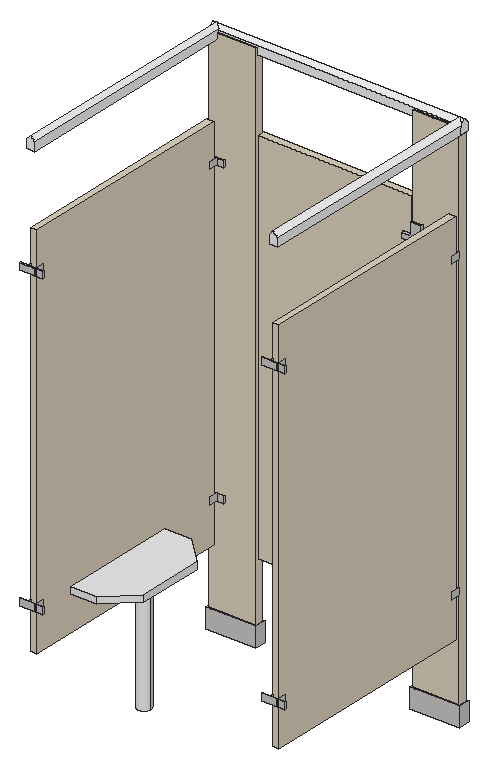
Revit family
Parameters (values of type "As Specified in 10 21 00")
  topoffset = 0' - 0 1/4"
  strkhdwr [instance] = not(or((End Panel_Strike Side), (Terminates at Wall_Strike Side)))  # no
  hngpnlconstrain [instance] = if((Terminates at Wall_Hinge Side), (Front Panel Width_Hinge Side - Reveal Clearance), (if((End Panel_Hinge Side), (Front Panel Width_Hinge Side + Panel Thickness + 0' 0 1/8"), (Front Panel Width_Hinge Side))))  # 0' - 7 1/8"
  hngpnl2 [instance] = if((Terminates at Wall_Strike Side), (Panel Thickness - Reveal Clearance - 0' 0 1/8"), (if((End Panel_Strike Side), (Panel Thickness + 0' 0 1/8"), (Panel Thickness))))  # 0' - 1 1/8"
  capoffset = 0' - 0 1/4"
  Warranty Duration (Years) = 0
  URL = "http://www.am-sanitary-partition.com/\r\n"
  Type Comments = "Toilet Partition"
  Terminates at Wall_Strike Side [instance] = no
  Terminates at Wall_Hinge Side [instance] = no
  Stile Thickness = 0' - 1 1/4"
  Stall Width = 3' - 0"
  Stall Depth [instance] = 3' - 0"
  Shower Seat = Plastic Laminate - White
  Return Rail - Strike Side [instance] = yes
  Return Rail - Hinge Side [instance] = yes
  Pilaster Height = 6' - 10"
  Panel Thickness = 0' - 1"
  Overall Depth w Shower [instance] = 6' - 0"
  Outswing [instance] = not(Inswing)  # no
  Inswing [instance] = yes
  Headrail Material = Aluminum - Extruded - Satin Anodized Finish
  Green Building-LEED = "http://www.arcat.com/green/clients/leed_data_30440.html\r\n"
  End Panel_Strike Side [instance] = not(Terminates at Wall_Strike Side)  # yes
  Front Panel Width_Strike Side = (Stall Width - Door Width) / 2  # 0' - 6"
  Specification = "http://www.arcat.com/specwizard/clients/amerisan.html?coid=30440\r\n"
  SpecWizard = "http://www.arcat.com/specwizard/10150asp/index.htm?mf=&coid=30440\r\n"
  Send Message = "http://admin.arcat.com/users.pl?action=UserEmail&company=American%20Sanitary%20Partition%20Corp.&coid=30440&rep=145&fax=407-656-8189&mf=\r\n"
  Sales Information = "http://www.am-sanitary-partition.com/\r\n"
  Revision = "R1_10/2009"
  Reveal Clearance = 0' - 0 1/2"
  Product Properties = "http://www.arcat.com/bim/bim_info.pl?fn=Toilet-Partition_AmericanSanitary_Full-Flush"
  Product Data = "http://www.arcat.com/arcatcos/cos30/arc30440.html\r\n"
  Panel Material [instance] = Phenolic Core - Color as Specified
  Model = "As Specified in 10 21 00"
  Manufacturer's Notes = ""
  Manufacturer Website = "http://www.am-sanitary-partition.com/\r\n"
  Manufacturer Phone = "407-656-0611\r\n"
  Manufacturer Fax = "407-656-8189\r\n"
  Manufacturer Address = "300 Enterprise St.; P. O. Box 99; Ocoee; FL 34761\r\n"
  Manufacturer = "American Sanitary Partition Corp.\r\n"
  Maintenance Schedule (Months) = 0
  Keynote = "10 21 00"
  Installation-Fabrication = "http://www.arcat.com/clients/amersan.pdf"
  Installation Phase = ""
  End Panel_Hinge Side [instance] = yes
  Front Panel Width_Hinge Side = (Stall Width - Door Width) / 2  # 0' - 6"
  Hardware Finish [instance] = Stainless Steel - Type 304 #4 Brushed Finish
  Expected Lifespan (Years) = 0
  Drawn By = "Robert S. Weygant, CSI, CDT, SCIP"  # constant formula
  Door Width = 2' - 0"
  Door Thickness = 0' - 1"
  Door Height = 4' - 10"
  Distance from Floor to Panel = 1' - 0"
  Copyright = "2009, ARCAT, Inc."  # constant formula
  Description = "As Specified in 10 21 00"
  Construction Details = "http://www.arcat.com/details/amerisan/amerisan.html?coid=30440\r\n"
  Brackets_Vertical = 2
  Assembly Code = "C1010400"
Reference planes (in)
  plane 1: y = 26.56271
  plane 2 "Center (Left/Right)": x = 26.6528
  plane 3 "Left": x = 44.6528
  plane 4: x = 8.6528
  plane 5: y = 102.31271
  plane 6 "Back": y = 31.56271
  plane 7 "Right": x = 7.6528
  plane 8 "Front": y = 103.56271
  plane 9 "Bottom of panel": z = 12
  plane 10 "Top of panel": z = 70
  plane 11: x = 14.6528
  plane 12: x = 38.6528
  plane 13 "Top": z = 82
  plane 14 "Bottom Bracket": z = 18
  plane 15 "Top Bracket": z = 64
  plane 16 "Top Hinge": z = 66.75
  plane 17: y = 101.81271
  plane 18: y = 68.06271
  plane 19: z = 0
  plane 20: x = 7.5278
  plane 21: y = 67.56271
  plane 22: y = 49.56271
Forms (in)
  Extrusion 1, solid, material "Phenolic Core - Color as Specified" <- "Panel Material"
    sketch origin (0, 0, 0) x (1, 0, 0) y (0, 1, 0)
      loop
        line (7.5278, 103.56271) -> (7.5278, 102.31271) -> (14.6528, 102.31271) -> (14.6528, 103.56271) -> (7.5278, 103.56271)
    from 0 to 82
  Extrusion 2, solid, material "Stainless Steel - Type 304 #4 Brushed Finish" <- "Hardware Finish", detail levels medium+fine
    sketch origin (0, 103.56271, 0) x (-1, 0, 0) y (0, 0, 1)
      loop
        line (-13.1528, 39.97704) -> (-13.1528, 42.02296) -> (-15.6528, 42.02296) -> (-15.6528, 39.97704) -> (-13.1528, 39.97704)
    from 0 to 0.25
  Extrusion 3, solid, material "Phenolic Core - Color as Specified" <- "Panel Material"
    sketch origin (0, 0, 0) x (1, 0, 0) y (0, 1, 0)
      loop
        line (38.6528, 103.56271) -> (38.6528, 102.31271) -> (45.7778, 102.31271) -> (45.7778, 103.56271) -> (38.6528, 103.56271)
    from 0 to 82
  Extrusion 4, solid, material "Phenolic Core - Color as Specified" <- "Panel Material", visible <- "End Panel_Hinge Side"
    sketch origin (0, 0, 0) x (1, 0, 0) y (0, 1, 0)
      loop
        line (44.6528, 68.06271) -> (45.6528, 68.06271) -> (45.6528, 101.81271) -> (44.6528, 101.81271) -> (44.6528, 68.06271)
    from 12 to 70
  Extrusion 5, solid, material "Phenolic Core - Color as Specified" <- "Panel Material", visible <- "End Panel_Strike Side"
    sketch origin (0, 0, 0) x (1, 0, 0) y (0, 1, 0)
      loop
        line (7.6528, 68.06271) -> (8.6528, 68.06271) -> (8.6528, 101.81271) -> (7.6528, 101.81271) -> (7.6528, 68.06271)
    from 12 to 70
  Extrusion 6, solid, material "Stainless Steel - Type 304 #4 Brushed Finish" <- "Hardware Finish", detail levels fine
    sketch origin (0, 103.56271, 0) x (-1, 0, 0) y (0, 0, 1)
      loop
        line (-38.6528, 66.75) -> (-40.1528, 66.75) -> (-40.1528, 64) -> (-38.6528, 64) -> (-37.1528, 64) -> (-37.1528, 64.75) -> (-38.6528, 64.75) -> (-38.6528, 66.75)
    from -1.49944 to 0.25
  Extrusion 7, solid, material "Stainless Steel - Type 304 #4 Brushed Finish" <- "Hardware Finish", detail levels fine
    sketch origin (0, 103.56271, -52) x (-1, 0, 0) y (0, 0, 1)
      loop
        line (-38.6528, 66.75) -> (-40.1528, 66.75) -> (-40.1528, 64) -> (-37.1528, 64) -> (-37.1528, 64.75) -> (-38.6528, 64.75) -> (-38.6528, 66.75)
    from -1.49944 to 0.25
  Extrusion 8, solid, material "Phenolic Core - Color as Specified" <- "Panel Material"
    sketch origin (0, 103.56271, 0) x (-1, 0, 0) y (0, 0, 1)
      loop
        line (-36.9028, 12) -> (-14.9028, 12) -> (-14.9028, 70) -> (-38.4028, 70) -> (-38.4028, 64.75) -> (-36.9028, 64.75) -> (-36.9028, 63.9223) -> (-38.4028, 63.9223) -> (-38.4028, 12.75) -> (-36.9028, 12.75) -> (-36.9028, 12)
    from -1 to 0
  Extrusion 9, solid, material "Stainless Steel - Type 304 #4 Brushed Finish" <- "Hardware Finish", detail levels fine
    sketch origin (0, 103.56271, 78) x (-1, 0, 0) y (0, 0, 1)
      loop
        line (-14.9028, -78) -> (-7.2778, -78) -> (-7.2778, -75) -> (-14.9028, -75) -> (-14.9028, -78)
    from -1.49768 to 0.24505
  Extrusion 10, solid, material "Stainless Steel - Type 304 #4 Brushed Finish" <- "Hardware Finish", detail levels fine
    sketch origin (0, 103.56271, 79) x (-1, 0, 0) y (0, 0, 1)
      loop
        line (-46.0278, -79) -> (-38.4028, -79) -> (-38.4028, -76) -> (-46.0278, -76) -> (-46.0278, -79)
    from -1.49944 to 0.25923
  Extrusion 11, solid, material "Aluminum - Extruded - Satin Anodized Finish" <- "Headrail Material"
    sketch origin (26.6528, 0, 0) x (0, -1, 0) y (0, 0, 1)
      loop
        line (-103.81271, 81) -> (-102.56271, 81) -> (-102.56271, 82.25) -> (-103.18771, 82.875) -> (-103.81271, 82.25) -> (-103.81271, 81)
    from -19.23129 to 19.22536
  Extrusion 12, solid, material "Aluminum - Extruded - Satin Anodized Finish" <- "Headrail Material", visible <- "Return Rail - Strike Side"
    sketch origin (0, 103.56271, 0) x (-1, 0, 0) y (0, 0, 1)
      loop
        line (-8.67744, 81) -> (-7.42744, 81) -> (-7.42744, 82.25) -> (-8.05244, 82.875) -> (-8.67744, 82.25) -> (-8.67744, 81)
    from -36 to -0.3724
  Extrusion 13, solid, material "Aluminum - Extruded - Satin Anodized Finish" <- "Headrail Material", visible <- "Return Rail - Hinge Side"
    sketch origin (53.3056, 103.56271, 0) x (1, 0, 0) y (0, 0, -1)
      loop
        line (-8.67151, -81) -> (-8.67151, -82.25) -> (-8.17151, -82.86237) -> (-7.42151, -82.25) -> (-7.42151, -81) -> (-8.67151, -81)
    from -36 to -0.3724
  Extrusion 14, solid, material "Plastic Laminate - White" <- "Shower Seat", detail levels fine
    sketch origin (0.75, -3.85115, 0) x (1, 0, 0) y (0, 1, 0)
      loop
        line (8.6528, 95.41386) -> (8.6528, 77.41386) -> (12.6528, 77.41386) -> (16.6528, 81.41386) -> (16.6528, 91.41386) -> (12.6528, 95.41386) -> (8.6528, 95.41386)
    from 18 to 19
  Extrusion 15, solid, material "Plastic Laminate - White" <- "Shower Seat", detail levels fine
    sketch origin (0, 0, 0) x (1, 0, 0) y (0, 1, 0)
      loop
        circle (13.4028, 82.56271) r 1
    from 0 to 18
Lines and regions (in)
  symbolic lines
    curve 1: line (38.6528, 0, 70) -> (14.6528, 0, 41)
    curve 2: line (14.6528, 0, 41) -> (38.6528, 0, 12)
    curve 3: line (8.6528, 31.56271, 0) -> (7.6528, 31.56271, 0)
    curve 9: line (8.6528, 67.56271, 0) -> (44.6528, 67.56271, 0)
    curve 10: line (8.6528, 31.56271, 0) -> (8.6528, 67.56271, 0)
    curve 11: line (44.6528, 31.56271, 0) -> (8.6528, 31.56271, 0)
    curve 12: line (44.6528, 67.56271, 0) -> (44.6528, 31.56271, 0)
    curve 13: circle (26.6528, 49.56271, 0) r 2 normal (0, 0, 1)
    curve 19: line (10.6528, 65.56271, 0) -> (10.6528, 33.56271, 0)
    curve 20: line (42.6528, 65.56271, 0) -> (10.6528, 65.56271, 0)
    curve 21: line (42.6528, 33.56271, 0) -> (42.6528, 65.56271, 0)
    curve 22: line (10.6528, 33.56271, 0) -> (42.6528, 33.56271, 0)
    curve 23: line (10.6528, 65.56271, 0) -> (42.6528, 33.56271, 0)
    curve 24: line (42.6528, 65.56271, 0) -> (10.6528, 33.56271, 0)
  symbolic lines, visible <- "Inswing"
    curve 4: line (38.6528, 102.31271, 0) -> (38.6528, 78.31271, 0)
    curve 5: line (38.6528, 78.31271, 0) -> (37.6528, 78.31271, 0)
    curve 6: line (37.6528, 78.31271, 0) -> (37.6528, 102.31271, 0)
    curve 7: line (37.6528, 102.31271, 0) -> (38.6528, 102.31271, 0)
  symbolic lines, style "Toilet Accessories-Dashed", visible <- "Inswing"
    curve 8: arc (14.6528, 102.31271, 0) -> (21.68224, 85.34214, 0) -> (38.6528, 78.31271, 0) r 24
  symbolic lines, visible <- "Outswing"
    curve 14: line (38.6528, 103.56271, 0) -> (38.6528, 127.56271, 0)
    curve 15: line (38.6528, 127.56271, 0) -> (37.6528, 127.56271, 0)
    curve 16: line (37.6528, 127.56271, 0) -> (37.6528, 103.56271, 0)
    curve 17: line (37.6528, 103.56271, 0) -> (38.6528, 103.56271, 0)
  symbolic lines, style "Toilet Accessories-Dashed", visible <- "Outswing"
    curve 18: arc (14.6528, 103.56271, 0) -> (21.68224, 120.53327, 0) -> (38.6528, 127.56271, 0) r 24
Text (in)
  text "Placement Side" at (0, 40.15149, 123.01588), in view "Right"
  text "Placement Side" at (-71.13158, 43.3951, 0), in view "Floor Line"
  text "Placement Side" at (0, 65.23256, 117.93067), in view "Left"
Dimensions and locks (in)
  "Stall Width": plane 4 to plane 3 "Left"
  "Door Height": plane 9 "Bottom of panel" to plane 10 "Top of panel"
  "Distance from Floor to Panel": host wall to plane 9 "Bottom of panel"
  equal spacing: plane 9 "Bottom of panel", curve 2, plane 10 "Top of panel"
  "Pilaster Height": level to plane 13 "Top"
  "Panel Thickness": plane 7 "Right" to plane 4
  "Panel Thickness": plane 3 "Left" to Extrusion 4 sketch curve
  locked: Extrusion 6 sketch curve to plane 12 at 1.5  (x2)
  locked: plane 9 "Bottom of panel" to Extrusion 7 sketch curve at 2.75
  locked: Extrusion 7 sketch curve to plane 12 at 1.5
  locked: plane 12 to Extrusion 7 sketch curve at 1.5
  locked: plane 12 to Extrusion 8 sketch curve at 0.25
  locked: plane 11 to Extrusion 8 sketch curve at 0.25
  locked: Extrusion 2 sketch curve to plane 11 at 1.5
  "Front Panel Width_Hinge Side": plane 12 to plane 3 "Left"
  "Door Width": plane 11 to plane 12
  locked: Extrusion 9 sketch curve to plane 11 at 0.25
  locked: Extrusion 10 sketch curve to plane 12 at 0.25
  equal spacing: plane 4, plane 2 "Center (Left/Right)", plane 3 "Left"
  locked: Extrusion 9 to plane 8 "Front" at 0.24505
  locked: Extrusion 9 to plane 5 at 0.24768
  "Door Thickness": curve 6 to plane 12
  group 1 to group 2 = 0' - 0"  (x2)
  group 1 to group 2 = 3' - 10"
  locked: plane 15 "Top Bracket" to plane 16 "Top Hinge" at 2.75
  locked: plane 15 "Top Bracket" to plane 10 "Top of panel" at 6
  locked: plane 9 "Bottom of panel" to plane 14 "Bottom Bracket" at 6
  "Reveal Clearance": plane 17 to plane 5
  group 3 to group 4 = 0' - 0"  (x2)
  group 3 to group 4 = 3' - 10"
  Extrusion 10 to Extrusion 3 = 0' - 0.25923"
  Extrusion 10 to Extrusion 3 = 0' - 0.24944"
  locked: Extrusion 10 to Extrusion 3 at 0.25
  "Stile Thickness": plane 8 "Front" to plane 5
  "capoffset": Extrusion 3 to Extrusion 10
  "hngpnlconstrain": Extrusion 3 sketch curve to Extrusion 3 sketch curve
  "capoffset": Extrusion 9 to Extrusion 1
  group 5 to group 6 = 0' - 0"
  group 6 to group 5 = 0' - 0"
  group 5 to group 6 = 3' - 10"
  Extrusion 10 sketch curve to Extrusion 4 = 0' - 0 3/8"
  "hngpnl2": plane 20 to plane 4
  group 7 to group 8 = 0' - 0"
  group 8 to group 7 = 0' - 0 1/4"
  group 7 to group 8 = 3' - 10"
  "Overall Depth w Shower": plane 8 "Front" to plane 6 "Back"
  group 9 to group 10 = 0' - 0"  (x2)
  group 9 to group 10 = 3' - 10"
  locked: Extrusion 10 sketch curve to Extrusion 10 sketch curve at 3
  locked: Extrusion 9 sketch curve to Extrusion 9 sketch curve at 3
  Extrusion 11 sketch curve to plane 8 "Front" = 0' - 0 1/4"
  locked: plane 20 to Extrusion 11 at 0.10036
  locked: Extrusion 11 to Extrusion 3 at 0.10629
  "Door Thickness": Extrusion 8 to Extrusion 8
  locked: plane 20 to Extrusion 12 sketch curve at 0.10036
  locked: Extrusion 12 sketch curve to Extrusion 12 sketch curve at 1.25
  locked: Extrusion 13 sketch curve to Extrusion 13 sketch curve at 1.25
  locked: Extrusion 13 sketch curve to Extrusion 3 at 0.10629
  locked: Extrusion 11 sketch curve to Extrusion 11 sketch curve at 1.25
  locked: plane 8 "Front" to Extrusion 12 at 0.3724
  locked: plane 8 "Front" to Extrusion 13 at 0.3724
  "Stall Depth": plane 8 "Front" to plane 21
  "Reveal Clearance": plane 18 to plane 21
  group 11 to group 12 = 0' - 0"  (x2)
  group 11 to group 12 = 3' - 10"
  group 13 to group 14 = 0' - 0"  (x2)
  group 13 to group 14 = 3' - 10"
  equal spacing: plane 21, plane 22, plane 6 "Back"
  "Door Thickness": curve 16 to curve 14
  "Door Width": curve 17 to curve 15
  locked: Extrusion 14 sketch curve to Extrusion 14 sketch curve at 18
  locked: Extrusion 14 sketch curve to Extrusion 14 sketch curve at 8
  locked: Extrusion 14 sketch curve to Extrusion 14 sketch curve at 4  (x2)
  locked: Extrusion 14 sketch curve to Extrusion 14 sketch curve at 10
  Extrusion 14 to plane 21 = 0' - 6"
  locked: Extrusion 14 to Extrusion 14 at 1
  plane 4 to Extrusion 14 = 0' - 0 3/4"
  equal spacing: Extrusion 14, Extrusion 15 sketch curve, Extrusion 14  (x2)
  locked: curve 10 to curve 19 at 2
  locked: curve 21 to curve 12 at 2
  locked: curve 11 to curve 22 at 2
  locked: curve 20 to curve 9 at 2
  "Stile Thickness": Extrusion 3 sketch curve to Extrusion 3 sketch curve
  "Overall Depth w Shower": plane 6 "Back" to Extrusion 3 sketch curve
  "Door Width": radius of curve 18
  aligned and locked: Extrusion 1 sketch curve to plane 8 "Front"
  aligned and locked: Extrusion 1 sketch curve to plane 5
  aligned and locked: Extrusion 1 sketch curve to plane 11
  aligned and locked: plane 13 "Top" to Extrusion 1
  aligned and locked: Extrusion 2 to plane 8 "Front"
  aligned and locked: plane 12 to Extrusion 3 sketch curve
  aligned and locked: plane 3 "Left" to Extrusion 4 sketch curve
  aligned and locked: plane 9 "Bottom of panel" to Extrusion 4
  aligned and locked: Extrusion 1 to Extrusion 3
  aligned and locked: Extrusion 5 to plane 10 "Top of panel"
  aligned and locked: Extrusion 5 to plane 9 "Bottom of panel"
  aligned and locked: plane 16 "Top Hinge" to Extrusion 6 sketch curve
  aligned and locked: plane 15 "Top Bracket" to Extrusion 6 sketch curve
  aligned and locked: Extrusion 6 sketch curve to plane 12
  aligned and locked: plane 9 "Bottom of panel" to Extrusion 7 sketch curve
  aligned and locked: Extrusion 7 sketch curve to plane 12
  aligned and locked: Extrusion 7 to Extrusion 8 sketch curve
  aligned and locked: plane 10 "Top of panel" to Extrusion 8 sketch curve
  aligned and locked: curve 4 to plane 12
  aligned and locked: plane 8 "Front" to Extrusion 8
  aligned and locked: plane 7 "Right" to nested 1
  aligned and locked: nested 1 to plane 5  (x4)
  aligned and locked: plane 14 "Bottom Bracket" to nested 1
  aligned and locked: plane 15 "Top Bracket" to nested 2
  aligned and locked: plane 7 "Right" to nested 2
  aligned and locked: plane 5 to nested 1
  aligned and locked: plane 17 to Extrusion 5 sketch curve
  aligned and locked: Extrusion 5 sketch curve to plane 18
  aligned and locked: plane 18 to Extrusion 4 sketch curve
  aligned and locked: plane 17 to Extrusion 4 sketch curve
  aligned and locked: nested 3 to plane 5  (x2)
  aligned and locked: nested 3 to plane 3 "Left"
  aligned and locked: nested 3 to plane 14 "Bottom Bracket"
  aligned and locked: nested 4 to plane 15 "Top Bracket"
  aligned and locked: plane 5 to nested 3
  aligned and locked: plane 3 "Left" to nested 3
  aligned and locked: Extrusion 4 to plane 10 "Top of panel"
  aligned and locked: nested 5 to plane 3 "Left"
  aligned and locked: nested 5 to plane 8 "Front"  (x3)
  aligned and locked: plane 14 "Bottom Bracket" to nested 5
  aligned and locked: plane 15 "Top Bracket" to nested 6
  aligned and locked: nested 6 to plane 3 "Left"
  aligned and locked: plane 3 "Left" to nested 5
  aligned and locked: plane 19 to level
  aligned and locked: Extrusion 1 to plane 20
  aligned and locked: plane 8 "Front" to nested 7  (x2)
  aligned and locked: nested 7 to plane 7 "Right"
  aligned and locked: nested 7 to plane 14 "Bottom Bracket"
  aligned and locked: nested 8 to plane 15 "Top Bracket"
  aligned and locked: nested 8 to plane 7 "Right"
  aligned and locked: nested 7 to plane 8 "Front"
  aligned and locked: plane 6 "Back" to host wall
  aligned and locked: plane 5 to nested 9
  aligned and locked: nested 9 to plane 5  (x2)
  aligned and locked: plane 14 "Bottom Bracket" to nested 9  (x2)
  aligned and locked: nested 9 to plane 14 "Bottom Bracket"
  aligned and locked: plane 7 "Right" to nested 9
  aligned and locked: plane 15 "Top Bracket" to nested 10  (x2)
  aligned and locked: nested 10 to plane 15 "Top Bracket"
  aligned and locked: plane 7 "Right" to nested 10
  aligned and locked: plane 5 to nested 10
  aligned and locked: plane 19 to Extrusion 1
  aligned and locked: plane 19 to Extrusion 3
  aligned and locked: plane 19 to Extrusion 10 sketch curve
  aligned and locked: plane 19 to Extrusion 9 sketch curve
  aligned and locked: Extrusion 11 to Extrusion 13 sketch curve
  aligned and locked: nested 4 to plane 5
  aligned and locked: plane 5 to nested 2
  aligned and locked: plane 5 to nested 8
  aligned and locked: plane 21 to nested 11
  aligned and locked: plane 21 to nested 12
  aligned and locked: plane 7 "Right" to nested 11  (x2)
  aligned and locked: plane 3 "Left" to nested 12  (x2)
  aligned and locked: nested 4 to plane 3 "Left"
  aligned and locked: plane 14 "Bottom Bracket" to nested 11
  aligned and locked: plane 14 "Bottom Bracket" to nested 12
  aligned and locked: plane 15 "Top Bracket" to nested 13
  aligned and locked: plane 21 to nested 13
  aligned and locked: plane 7 "Right" to nested 13  (x2)
  aligned and locked: plane 15 "Top Bracket" to nested 14
  aligned and locked: plane 21 to nested 14
  aligned and locked: plane 3 "Left" to nested 14  (x2)
  aligned and locked: curve 9 to plane 21
  aligned and locked: curve 12 to plane 3 "Left"
  aligned and locked: plane 6 "Back" to curve 11
  aligned and locked: plane 4 to curve 10
  aligned and locked: plane 22 to curve 13
  aligned and locked: plane 2 "Center (Left/Right)" to curve 13
  aligned and locked: plane 12 to curve 14
  aligned and locked: curve 17 to plane 8 "Front"
  aligned and locked: Extrusion 14 to plane 14 "Bottom Bracket"
  aligned and locked: plane 14 "Bottom Bracket" to Extrusion 14
  aligned and locked: plane 19 to Extrusion 15
  aligned and locked: plane 14 "Bottom Bracket" to Extrusion 15
  aligned and locked: Extrusion 13 to plane 21
  aligned and locked: Extrusion 12 to plane 21
  aligned and locked: nested 6 to plane 8 "Front"
  aligned and locked: Extrusion 6 to Extrusion 10
Automatic sketch dimensions
  curve 3 to host wall = 0' - 0"
  curve 3 to plane 7 "Right" = 0' - 0"
  curve 3 to plane 4 = 0' - 0"
  plane 11 to Extrusion 2 sketch curve = 0' - 1"
  plane 14 "Bottom Bracket" to Extrusion 2 sketch curve = 1' - 9.97704"
  Extrusion 2 sketch curve to Extrusion 2 sketch curve = 0' - 2.04593"
  Extrusion 5 sketch curve to plane 7 "Right" = 0' - 0"
  Extrusion 5 sketch curve to plane 4 = 0' - 0"
  curve 1 to plane 10 "Top of panel" = 0' - 0"
  curve 2 to plane 9 "Bottom of panel" = 0' - 0"
  curve 1 to plane 11 = 0' - 0"
  curve 2 to plane 12 = 0' - 0"
  curve 1 to plane 12 = 0' - 0"
  Extrusion 1 sketch curve to plane 20 = 0' - 0"
  Extrusion 6 sketch curve to plane 12 = 0' - 0"
  plane 15 "Top Bracket" to Extrusion 6 sketch curve = 0' - 0 3/4"
  Extrusion 7 sketch curve to plane 9 "Bottom of panel" = 0' - 0 3/4"
  Extrusion 8 sketch curve to plane 12 = 0' - 0 1/4"
  Extrusion 8 sketch curve to plane 9 "Bottom of panel" = 0' - 0 3/4"
  Extrusion 8 sketch curve to Extrusion 8 sketch curve = 0' - 1 1/2"  (x2)
  Extrusion 8 sketch curve to plane 15 "Top Bracket" = 0' - 0.0777"
  plane 15 "Top Bracket" to Extrusion 8 sketch curve = 0' - 0 3/4"
  Extrusion 9 sketch curve to plane 20 = 0' - 0 1/4"
  Extrusion 11 sketch curve to plane 8 "Front" = 0' - 0 3/8"
  Extrusion 11 sketch curve to plane 13 "Top" = 0' - 1"
  plane 13 "Top" to Extrusion 11 sketch curve = 0' - 0 1/4"  (x2)
  plane 7 "Right" to Extrusion 12 sketch curve = 0' - 0.39964"
  Extrusion 12 sketch curve to plane 13 "Top" = 0' - 1"
  plane 13 "Top" to Extrusion 12 sketch curve = 0' - 0 1/4"  (x2)
  Extrusion 13 sketch curve to plane 3 "Left" = 0' - 0.48129"
  Extrusion 13 sketch curve to plane 13 "Top" = 0' - 0 1/4"  (x2)
  plane 4 to Extrusion 14 sketch curve = 0' - 0 3/4"
  plane 18 to Extrusion 14 sketch curve = 0' - 5 1/2"
  Extrusion 14 sketch curve to Extrusion 14 sketch curve = 0' - 4"
  curve 8 to plane 5 = 0' - 0"
  curve 8 to plane 11 = 0' - 0"
  curve 7 to plane 5 = 0' - 0"
  radius of Extrusion 15 sketch curve = 0' - 1"
  radius of curve 13 = 0' - 2"
Nested families (in)
  nested 1: "Mounting Bracket" at (7.6528, 102.31271, 18), visible <- "strkhdwr", type "Common Mount"
    with panel thickness 0' - 1"
  nested 2: "Mounting Bracket" at (7.6528, 102.31271, 64), visible <- "strkhdwr", type "Common Mount"
    with panel thickness 0' - 1"
  nested 3: "Mounting Bracket" at (45.6528, 102.31271, 18) x (-1, 0, 0) z (0, 0, 1), visible <- "End Panel_Hinge Side", type "End Mount"
  nested 4: "Mounting Bracket" at (45.6528, 102.31271, 64) x (-1, 0, 0) z (0, 0, 1), visible <- "End Panel_Hinge Side", type "End Mount"
  nested 5: "Mounting Bracket" at (44.6528, 103.56271, 18) x (0, -1, 0) z (0, 0, 1), visible <- "Terminates at Wall_Hinge Side", type "End Mount"
  nested 6: "Mounting Bracket" at (44.6528, 103.56271, 64) x (0, -1, 0) z (0, 0, 1), visible <- "Terminates at Wall_Hinge Side", type "End Mount"
  nested 7: "Mounting Bracket" at (7.6528, 103.56271, 18) x (0, -1, 0) z (0, 0, 1), visible <- "Terminates at Wall_Strike Side", type "End Mount"
  nested 8: "Mounting Bracket" at (7.6528, 103.31271, 64) x (0, -1, 0) z (0, 0, 1), visible <- "Terminates at Wall_Strike Side", type "End Mount"
  nested 9: "Mounting Bracket" at (7.6528, 102.31271, 18), visible <- "End Panel_Strike Side", type "End Mount"
  nested 10: "Mounting Bracket" at (7.6528, 102.31271, 64), visible <- "End Panel_Strike Side", type "End Mount"
  nested 11: "Mounting Bracket" at (8.6528, 67.56271, 18) x (-1, 0, 0) z (0, 0, 1), type "Common Mount"
    with panel thickness 0' - 1"
  nested 12: "Mounting Bracket" at (45.6528, 67.56271, 18) x (-1, 0, 0) z (0, 0, 1), type "Common Mount"
    with panel thickness 0' - 1"
  nested 13: "Mounting Bracket" at (8.6528, 67.56271, 64) x (-1, 0, 0) z (0, 0, 1), type "Common Mount"
    with panel thickness 0' - 1"
  nested 14: "Mounting Bracket" at (45.6528, 67.56271, 64) x (-1, 0, 0) z (0, 0, 1), type "Common Mount"
    with panel thickness 0' - 1"
Definition of nested family "Mounting Bracket"
  Parameters (values of type "Common Mount")
    panel thickness = 0' - 0 1/2"
    hdwr matl = none
    Surfmnt = yes
    Hdwr Height = 0' - 1"
    Assembly Code = ""
  Types (2): name | panel thickness | Surfmnt
    Common Mount | 0' - 0 1/2" | yes
    End Mount | 0' - 1" | no
  Reference planes (in)
    plane 1 "Center (Front/Back)": y = 0
    plane 2 "bottom": z = 0
    plane 3 "Center (Left/Right)": x = 0
    plane 4: y = -1.37133
    plane 5 "top": z = 1
    plane 6: y = -0.12324
  Forms (in)
    Extrusion 1, solid, material <- "hdwr matl"
      sketch origin (0, 0, 0) x (1, 0, 0) y (0, 1, 0)
        loop
          line (0, -1.37133) -> (0, -0.125) -> (0.5, -0.125) -> (0.5, -1.37133) -> (0.625, -1.37133) -> (0.625, -0.12324) -> (2.25, -0.12324) -> (2.25, 0) -> (-0.125, 0) -> (-0.125, -1.37133) -> (0, -1.37133)
      from 0 to 1
    Extrusion 2, solid, material <- "hdwr matl", visible <- "Surfmnt"
      sketch origin (0, 0, 0) x (1, 0, 0) y (0, 1, 0)
        loop
          line (0, 0) -> (-1.25, 0) -> (-1.25, -0.125) -> (0, -0.125) -> (0, 0)
      from 0 to 1
  Dimensions and locks (in)
    "panel thickness": Extrusion 1 sketch curve to Extrusion 1 sketch curve
    locked: Extrusion 1 sketch curve to Extrusion 1 sketch curve at 0.125  (x2)
    locked: plane 4 to plane 1 "Center (Front/Back)" at 1.37133
    locked: Extrusion 1 sketch curve to Extrusion 1 sketch curve at 2.375
    locked: Extrusion 2 sketch curve to Extrusion 2 sketch curve at 0.125
    locked: Extrusion 2 sketch curve to Extrusion 2 sketch curve at 1.25
    "Hdwr Height": plane 5 "top" to plane 2 "bottom"
    locked: plane 6 to plane 1 "Center (Front/Back)" at 0.12324
    "panel thickness": Extrusion 1 to Extrusion 1
    aligned and locked: plane 3 "Center (Left/Right)" to Extrusion 1 sketch curve
    aligned and locked: Extrusion 1 sketch curve to plane 1 "Center (Front/Back)"
    aligned and locked: Extrusion 1 sketch curve to plane 4  (x2)
    aligned and locked: Extrusion 2 sketch curve to plane 1 "Center (Front/Back)"
    aligned and locked: plane 3 "Center (Left/Right)" to Extrusion 2 sketch curve
    aligned and locked: plane 5 "top" to Extrusion 1
    aligned and locked: plane 5 "top" to Extrusion 2
    aligned and locked: Extrusion 1 to plane 2 "bottom"
    aligned and locked: Extrusion 2 to plane 2 "bottom"
  Automatic sketch dimensions
    plane 1 "Center (Front/Back)" to Extrusion 1 sketch curve = 0' - 0.12324"
    plane 1 "Center (Front/Back)" to Extrusion 1 sketch curve = 0' - 0 1/8"
